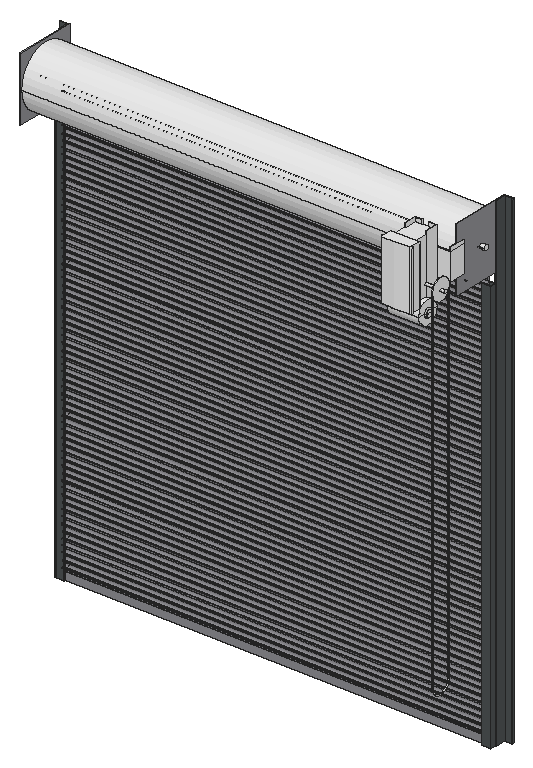
Revit family "Doors_Fire-Doors-Shutters_Overhead-Door-Corporation_Fire-Rated-Service-Doors-630_", category Specialty Equipment, host Wall, Revit 2019 (continued)
Definition of nested family "Lifts"
  Dimensions and locks (in)
    "Half Octagon Side": Extrusion 11 sketch curve to plane 13
    "Half Octagon Side": plane 13 to Extrusion 11 sketch curve
    "Half Octagon Side": plane 22 to Extrusion 11 sketch curve  (x2)
    equal spacing: plane 9 "Real Opening 2", plane 3 "Center (Left/Right)", plane 10 "Real Opening 1"
    "True Width": plane 9 "Real Opening 2" to plane 10 "Real Opening 1"
    locked: plane 23 to plane 7 at 1.5
    radius of Extrusion 6 sketch curve = 3/16"  (x4)
    radius of Extrusion 7 sketch curve = 0.188"  (x4)
    locked: Extrusion 8 sketch curve to Extrusion 8 sketch curve (radius 0.187")  (x4)
    "Radius Hood": radius of Extrusion 10 sketch curve
    aligned and locked: plane 2 to level
    aligned and locked: plane 5 to Extrusion 3
    aligned and locked: Extrusion 3 to plane 6
    aligned and locked: Extrusion 4 sketch curve to plane 7
    aligned and locked: Extrusion 4 sketch curve to plane 8
    aligned and locked: Extrusion 5 sketch curve to plane 7
    aligned and locked: plane 13 to Extrusion 3 sketch curve
    aligned and locked: plane 5 to Masking region 1 sketch curve
    aligned and locked: plane 6 to Masking region 1 sketch curve
    aligned and locked: Masking region 1 sketch curve to Masking region 1 sketch curve  (x2)
    aligned and locked: plane 12 "Main" to Extrusion 6 sketch curve  (x2)
    aligned and locked: Extrusion 6 sketch curve to plane 15
    aligned and locked: plane 16 to Extrusion 6 sketch curve
    aligned and locked: Extrusion 7 sketch curve to plane 1 "Center (Front/Back)"  (x2)
    aligned and locked: Extrusion 8 sketch curve to Extrusion 8 sketch curve  (x4)
    aligned and locked: plane 19 to Extrusion 8 sketch curve
    aligned and locked: Extrusion 8 sketch curve to plane 19
    aligned and locked: plane 4 "Opening Height" to Extrusion 8
    aligned and locked: Extrusion 5 sketch curve to plane 12 "Main"
    aligned and locked: plane 12 "Main" to Extrusion 4 sketch curve
    aligned and locked: Extrusion 9 sketch curve to plane 11  (x2)
    aligned and locked: Extrusion 9 sketch curve to plane 7  (x2)
    aligned and locked: plane 17 to Extrusion 9 sketch curve
    aligned and locked: Extrusion 9 sketch curve to plane 18
    aligned and locked: Masking region 2 sketch curve to Extrusion 4
    aligned and locked: Masking region 2 to curve 2  (x2)
    aligned and locked: Masking region 2 to curve 1  (x2)
    aligned and locked: Masking region 3 sketch curve to Extrusion 7  (x10)
    aligned and locked: Extrusion 7 to Masking region 3 sketch curve
    aligned and locked: Masking region 4 sketch curve to Extrusion 6  (x10)
    aligned and locked: Extrusion 2 to Extrusion 1
    aligned and locked: Extrusion 1 to Extrusion 2
    aligned and locked: curve 1 to Extrusion 9
    aligned and locked: Extrusion 9 to curve 2
    aligned and locked: Masking region 2 to plane 17
    aligned and locked: Masking region 2 to plane 18
    aligned and locked: plane 18 to Masking region 1 sketch curve
    aligned and locked: Masking region 1 sketch curve to plane 17
    aligned and locked: plane 20 to Extrusion 9 sketch curve
    aligned and locked: plane 21 to Extrusion 9 sketch curve
    aligned and locked: plane 20 to Extrusion 4
    aligned and locked: plane 20 to Extrusion 5
    aligned and locked: Extrusion 4 to plane 21
    aligned and locked: Extrusion 5 to plane 21
    aligned and locked: plane 13 to Extrusion 10 sketch curve
    aligned and locked: Extrusion 11 sketch curve to plane 12 "Main"
    aligned and locked: Extrusion 11 sketch curve to plane 7
    aligned and locked: Extrusion 11 sketch curve to plane 11
    aligned and locked: Extrusion 11 sketch curve to plane 8
    aligned and locked: Extrusion 11 to plane 20
    aligned and locked: Extrusion 11 to plane 21
    aligned and locked: plane 20 to Extrusion 10
    aligned and locked: Extrusion 10 to plane 21
    aligned and locked: plane 8 to Extrusion 9
    aligned and locked: Extrusion 11 to curve 3
    aligned and locked: plane 20 to curve 3
    aligned and locked: plane 21 to curve 3
    aligned and locked: Extrusion 7 to plane 7
    aligned and locked: plane 7 to Extrusion 6
    aligned and locked: Extrusion 4 sketch curve to plane 11
    aligned and locked: Extrusion 5 sketch curve to plane 11
  Automatic sketch dimensions
    Extrusion 2 sketch curve to level = 0"
    Extrusion 1 sketch curve to Extrusion 1 sketch curve = 3/8"
    plane 17 to Masking region 2 sketch curve = 0"
    Masking region 2 sketch curve to plane 18 = 0"
    Masking region 2 sketch curve to plane 1 "Center (Front/Back)" = 0"
    radius of Extrusion 3 sketch curve = 0.6"
Definition of nested family "Motor"
  Parameters (values of type "Trolley Motor")
    Wall Mount RSX = if(Chain Hoist, 1 = 2, if(Motor Option = 3, 1 = 1, 1 = 2))  # no
    Top Mount RSX = if(Chain Hoist, 1 = 2, if(Motor Option = 2, 1 = 1, 1 = 2))  # no
    Shaft Material = none
    Real Exterior Wall Offset = if(Wall Mount RSX, Displacement, Exterior Wall Offset + if(and(BJ, Bench Mount RSX, Hood Width < 19 1/2"), 2.6", 0"))  # 6"
    Not Chain Hoist = not(Chain Hoist)  # yes
    Not Bench + Top = not(or(Top Mount RSX, Chain Hoist, Bench Mount RSX))  # yes
    Horizontal Mount = if(Face Mount RSX, 5.08" + 0.12" + 2.38", if(Top Mount RSX, 11.19", if(Wall Mount RSX, 5.08", if(Bench Mount RSX, 4.77" + if(or(Hood Width < 14", Hood Width = 14"), 6.13", if(or(Hood Width < 16", Hood Width = 16"), 4.13", 3 1/4")), 0"))))  # 7.58"
    Not Fire King = if(Chain Hoist, 1 = 2, not(Chain Hoist))  # yes
    Vertical Mount = if(Face Mount RSX, 11.07" + Hood Height / 2, if(Top Mount RSX, 14.92" - 0.13" - 2.38", if(Wall Mount RSX, 20.03" + 6" + Hood Height / 2, if(Bench Mount RSX, 20" + 2.29" + Hood Height / 2, Hood Height))))  # 20.3825"
    Motor Type = if(Motor Option < 2, "RSX FDO Face Mount", if(Motor Option = 2, "RSX FDO Top Mount", if(Motor Option = 3, "RSX Wall Mount", if(Motor Option = 4, "RSX Bench Mount", "Chain Hoist"))))  # "RSX FDO Face Mount"
    Motor Option = 1
    Main Material = none
    Hood Width Real = if(Wall Mount RSX, 0", if(Chain Hoist, if(Hood Height < Hood Width, (Hood Width + (Hood Width - Hood Height)) / 2, Hood Width / 2), Hood Width))  # 17 1/2"
    Hood Width = 17 1/2"
    Hood Height = 18 5/8"
    Hood Mount = if(or(Face Mount RSX, Top Mount RSX), 0.37", if(Wall Mount RSX, if(BJ, 12.24" + BJ Displacement, 14.74"), if(Bench Mount RSX, 14.49", 4.26")))  # 0.37"
    Floor To Cl Shaft = 132 5/16"
    Fire King RHX = 1 = 2  # no
    Top Option Offset = if(or(Top Mount RSX, Bench Mount RSX), 20", 0")  # 0"
    Face+Top = if(Chain Hoist, 1 = 2, if(or(Face Mount RSX, Top Mount RSX), 1 = 1, 1 = 2))  # yes
    Face Mount RSX = if(Chain Hoist, 1 = 2, if(Motor Option < 2, 1 = 1, 1 = 2))  # yes
    Top + Bench = if(Chain Hoist, 1 = 2, if(or(Top Mount RSX, Bench Mount RSX), 1 = 1, 1 = 2))  # no
    Face + Top + Bench = if(Chain Hoist, 1 = 2, if(or(Face Mount RSX, Top Mount RSX, Bench Mount RSX), 1 = 1, 1 = 2))  # yes
    Exterior Wall Offset = 6"
    Displacement = 6"
    Default Elevation = 48"
    Chain V Offset = if(or(Face Mount RSX, Wall Mount RSX), 6.53", if(or(Top Mount RSX, Bench Mount RSX), 18.81", Hood Height / 2))  # 6.53"
    Chain H Offset = if(or(Face Mount RSX, Wall Mount RSX), 1.19", if(or(Top Mount RSX, Bench Mount RSX), 6.53", 0"))  # 1.19"
    Chain Hoist = no
    Bench Mount RSX = if(Chain Hoist, 1 = 2, if(Motor Option > 3, 1 = 1, 1 = 2))  # no
    BJ Displacement = 0"
    BJ = no
    Angle = if(or(Bench Mount RSX, Top Mount RSX), 90.00°, 180.00°)  # 180.00°
  Reference planes (in)
    plane 1 "Center (Front/Back)": y = 0
    plane 2: z = 0
    plane 3 "Center (Left/Right)": x = 0
    plane 4: y = 0
    plane 5: y = 1.19
    plane 6: z = -125.7825
    plane 7: z = -95.7825
    plane 8: z = 6.53
    plane 9 "Chain Hoist": z = 6.53
    plane 10 "Top Of Hood": z = 20.3825
    plane 11: y = 7.58
    plane 12: z = 0
    plane 13 "Hood Face": x = 6.8795
    plane 14: x = 7.2495
    plane 15: y = 25.08
    plane 16 "Wall": y = 31.08
  Forms (in)
    Extrusion 1, solid, material <- "Main Material", visible <- "Not Chain Hoist"
      sketch origin (0, 0, 18.8898) x (1, 0, 0) y (0, 1, 0)
        loop
          line (-4.134, -2.41307) -> (4.116, -2.41307) -> (4.116, -2.29347) -> (3.108, -2.29347)
          arc (3.108, -2.29347) -> (3.02315, -2.25832) -> (2.988, -2.17347) r 0.12
          line (2.988, -2.17347) -> (2.988, 4.96193) -> (-2.988, 4.96193) -> (-2.988, -2.17347)
          arc (-2.988, -2.17347) -> (-3.02315, -2.25832) -> (-3.108, -2.29347) r 0.12
          line (-3.108, -2.29347) -> (-4.134, -2.29347) -> (-4.134, -2.41307)
      from -16.64 to 0
    Extrusion 2, solid, material <- "Main Material", visible <- "Not Chain Hoist"
      sketch origin (0, 0, 18.8898) x (1, 0, 0) y (0, 1, 0)
        loop
          line (-4.134, -2.41307) -> (-4.134, -5.05565) -> (-4.3324, -5.05565) -> (-4.3324, -5.3122)
          arc (-4.3324, -5.3122) -> (-4.24466, -5.55085) -> (-4.02324, -5.67585) r 0.36846
          arc (-4.02324, -5.67585) -> (0, -6.0017) -> (4.02324, -5.67585) r 25
          arc (4.02324, -5.67585) -> (4.24466, -5.55085) -> (4.3324, -5.3122) r 0.36846
          line (4.3324, -5.3122) -> (4.3324, -5.05565) -> (4.116, -5.05565) -> (4.116, -2.41307) -> (-4.134, -2.41307)
      from -17 to 0.35839
    Revolve 3, solid, material <- "Main Material", visible <- "Not Fire King"
      sketch origin (2.0828, 5.66524, 0) x (0, -1, 0) y (1, 0, 0)
        loop
          line (5.66524, -9.0813) -> (5.66524, 3.1162) -> (4.82413, 3.1162) -> (4.82413, 2.7162) -> (4.39283, 2.7162) -> (4.39283, 2.4872) -> (2.44007, 2.4872) -> (2.44007, -6.6585) -> (3.79863, -6.6585) -> (3.79863, -7.51105) -> (3.89778, -7.6102) -> (5.36033, -7.6102) -> (5.36033, -7.8313) -> (4.69783, -7.8313) -> (4.69783, -9.0813) -> (5.66524, -9.0813)
        axis (5.66524, -9.0813) -> (5.66524, 3.1162)
      angle from 0 to 360
    Extrusion 4, solid, material <- "Main Material", visible <- "Wall Mount RSX"
      sketch origin (0, 0, 18.8898) x (1, 0, 0) y (0, 1, 0)
        loop
          line (-2.988, 5.08193) -> (-4.988, 5.08193) -> (-4.988, 4.96193) -> (-3.108, 4.96193) -> (-3.108, 1.46193) -> (-2.988, 1.46193) -> (-2.988, 5.08193)
        loop
          line (2.988, 5.08193) -> (2.988, 1.46193) -> (3.108, 1.46193) -> (3.108, 4.96193) -> (4.988, 4.96193) -> (4.988, 5.08193) -> (2.988, 5.08193)
      from -16.64 to 1.14
    Extrusion 5, solid, material <- "Main Material"
      sketch origin (0, 0.00141, 3.59957) x (0, 0, 1) y (0, -1, 0)
        loop
          circle (2.93043, -1.18859) r 3
      from 7.52 to 7.2495
    Sweep 6, solid, material <- "Main Material"
      path origin (7.38475, 9.53, 48) x (0, 1, 0) y (0, 0, 1)
        loop
          line (-11.34, -41.47) -> (-11.34, -143.7825)
          arc (-11.34, -143.7825) -> (-8.34, -146.7825) -> (-5.34, -143.7825) r 3
          line (-5.34, -143.7825) -> (-5.34, -41.47)
      profile origin (7.38475, -1.81, -44.62625) x (1, 0, 0) y (0, 1, 0)
        loop
          circle (0, 0.1) r 0.1
    Extrusion 7, solid, material <- "Main Material"
      sketch origin (0, 0.00141, 3.59957) x (0, 0, 1) y (0, -1, 0)
        loop
          circle (2.93043, -1.18859) r 0.4
      from 8.82 to 0
    Extrusion 8, solid, material <- "Main Material", visible <- "Face+Top"
      sketch origin (0, 0, 18.8898) x (1, 0, 0) y (0, 1, 0)
        loop
          line (7.2495, 5.08193) -> (7.2495, 9.82193) -> (7.1295, 9.82193) -> (7.1295, 5.20193) -> (-2.988, 5.20193) -> (-2.988, 5.08193) -> (7.2495, 5.08193)
      from -12.32 to -4.32
    Extrusion 9, solid, material <- "Main Material", visible <- "Face + Top + Bench"
      sketch origin (0.25, 0, 18.8898) x (1, 0, 0) y (0, 1, 0)
        loop
          line (-3.358, 5.08193) -> (-3.358, 1.46193) -> (-3.238, 1.46193) -> (-3.238, 4.96193) -> (-1.238, 4.96193) -> (-1.238, 5.08193) -> (-3.358, 5.08193)
        loop
          line (2.858, 5.08193) -> (0.738, 5.08193) -> (0.738, 4.96193) -> (2.738, 4.96193) -> (2.738, 1.46193) -> (2.858, 1.46193) -> (2.858, 5.08193)
      from -16.64 to 1.14
    Extrusion 10, solid, material <- "Main Material", visible <- "Face+Top"
      sketch origin (0, 0, 0) x (0, 0, 1) y (0, -1, 0)
        loop
          line (15.5698, -5.33193) -> (6.5698, -5.33193) -> (6.5698, -9.82193) -> (15.5698, -9.82193) -> (15.5698, -5.33193)
      from 6.8795 to 7.1295
    Extrusion 11, solid, material <- "Main Material", visible <- "Bench Mount RSX"
      sketch origin (0, 0, 18.8898) x (1, 0, 0) y (0, 1, 0)
        loop
          line (-6.9985, 5.08193) -> (3.108, 5.08193) -> (3.108, 5.20193) -> (-7.1205, 5.20193) -> (-7.1205, 1.33693) -> (-6.9985, 1.33693) -> (-6.9985, 5.08193)
      from -10.78 to -1.46
    Extrusion 12, solid, material <- "Main Material", visible <- "Bench Mount RSX"
      sketch origin (0, 0, 0) x (0, 0, 1) y (0, -1, 0)
        loop
          line (8.2698, -1.46193) -> (8.2698, -4.96193) -> (17.2698, -4.96193) -> (17.2698, -1.46193) -> (8.2698, -1.46193)
      from -7.24 to -7.1205
  Lines and regions (in)
    reference lines
      curve 1: line (0, 0, 0) -> (0, 0, 18.8898)
  Dimensions and locks (in)
    Extrusion 4 sketch curve to Extrusion 4 sketch curve = 3.62"
    locked: Extrusion 4 sketch curve to Extrusion 4 sketch curve at 0.12  (x3)
    "Chain H Offset": plane 4 to plane 5
    locked: plane 7 to plane 6 at 30
    locked: Sweep 6 sketch curve to profile plane at 0
    locked: profile plane to Sweep 6 sketch curve at 0.1
    locked: Sweep 6 sketch curve to Sweep 6 sketch curve at 6
    "Floor To Cl Shaft": plane 8 to plane 6
    "Horizontal Mount": plane 1 "Center (Front/Back)" to plane 11
    Extrusion 9 sketch curve to Extrusion 9 sketch curve = 3.62"
    locked: Extrusion 9 sketch curve to Extrusion 9 sketch curve at 0.12  (x3)
    "Top Option Offset": level to plane 12
    "Chain V Offset": plane 9 "Chain Hoist" to plane 12
    equal spacing: Sweep 6 sketch curve, plane 5, Sweep 6 sketch curve
    "Vertical Mount": plane 10 "Top Of Hood" to plane 12
    locked: Extrusion 2 sketch curve to Extrusion 2 sketch curve at 8.25
    locked: Extrusion 2 sketch curve to Extrusion 2 sketch curve at 2.64258
    locked: plane 3 "Center (Left/Right)" to plane 14 at 7.2495
    "Hood Mount": plane 13 "Hood Face" to plane 14
    locked: Extrusion 8 sketch curve to Extrusion 8 sketch curve at 0.12  (x2)
    locked: Extrusion 8 sketch curve to curve 1 at 5.08193
    "Hood Width Real": plane 11 to plane 15
    "Real Exterior Wall Offset": plane 15 to plane 16 "Wall"
    locked: Extrusion 8 sketch curve to Extrusion 8 sketch curve at 4.62
    Revolve 3 sketch curve to Revolve 3 sketch curve to Revolve 3 sketch curve to Revolve 3 sketch curve to Revolve 3 sketch curve to Revolve 3 sketch curve to Revolve 3 sketch curve = 1 1/4" locked, 0.2211" locked, 0.9517" locked, 9.1457" locked, 0.229" locked, 0.4" locked
    Revolve 3 sketch curve to Revolve 3 sketch curve to Revolve 3 sketch curve to Revolve 3 sketch curve to Revolve 3 sketch curve to Revolve 3 sketch curve to Revolve 3 sketch curve to Revolve 3 sketch curve = 0.30491" locked, 0.53619" locked, 0.12631" locked, 0.305" locked, 0.49505" locked, 0.09915" locked, 1.35856" locked
    locked: Extrusion 1 sketch curve to Extrusion 1 sketch curve at 0.1196
    locked: Extrusion 1 sketch curve to Extrusion 1 sketch curve at 5.976
    equal spacing: Extrusion 1 sketch curve, curve 1, Extrusion 1 sketch curve
    locked: curve 1 to Extrusion 1 sketch curve at 2.41307
    locked: Extrusion 1 sketch curve to Extrusion 1 sketch curve at 7.375
    locked: Extrusion 9 sketch curve to curve 1 at 1.46193
    equal spacing: Extrusion 4 sketch curve, curve 1, Extrusion 4 sketch curve
    locked: Extrusion 4 sketch curve to curve 1 at 1.46193
    locked: Extrusion 10 sketch curve to Extrusion 10 sketch curve at 4.49
    locked: Extrusion 10 sketch curve to Extrusion 10 sketch curve at 9
    locked: Extrusion 10 sketch curve to curve 1 at 9.82193
    locked: Extrusion 10 sketch curve to curve 1 at 6.5698
    locked: Revolve 3 sketch curve to plane 3 "Center (Left/Right)" at 4.5757
    locked: Extrusion 4 sketch curve to Extrusion 4 sketch curve at 5.976
    locked: Extrusion 9 sketch curve to plane 3 "Center (Left/Right)" at 2.988
    locked: plane 3 "Center (Left/Right)" to Extrusion 9 sketch curve at 3.108
    locked: Extrusion 4 sketch curve to Extrusion 4 sketch curve at 2
    locked: Extrusion 4 sketch curve to Extrusion 4 sketch curve at 1.88
    locked: Extrusion 8 sketch curve to Extrusion 8 sketch curve at 10.2375
    locked: curve 1 to Extrusion 8 sketch curve at 7.2495
    locked: Extrusion 1 sketch curve to Extrusion 1 sketch curve at 1.128
    locked: Extrusion 1 sketch curve to Extrusion 1 sketch curve at 1.146
    locked: curve 1 to Extrusion 2 sketch curve at 2.41307
    locked: Extrusion 11 sketch curve to Extrusion 11 sketch curve at 0.122
    locked: Extrusion 11 sketch curve to Extrusion 11 sketch curve at 0.12
    locked: Extrusion 11 sketch curve to curve 1 at 6.9985
    locked: Extrusion 11 sketch curve to curve 1 at 5.08193
    locked: Extrusion 11 sketch curve to Extrusion 11 sketch curve at 10.1065
    locked: Extrusion 11 sketch curve to Extrusion 11 sketch curve at 3.865
    locked: Extrusion 12 sketch curve to Extrusion 12 sketch curve at 3.5
    locked: curve 1 to Extrusion 12 sketch curve at 1.46193
    locked: Extrusion 12 sketch curve to Extrusion 12 sketch curve at 9
    locked: Extrusion 12 sketch curve to curve 1 at 10.62
    radius of Extrusion 5 sketch curve = 3"
    radius of Sweep 6 sketch curve = 3"
    radius of Sweep 6 sketch curve = 0.1"
    radius of Extrusion 7 sketch curve = 0.4"
    radius of Extrusion 2 sketch curve = 0.36846"  (x2)
    radius of Extrusion 1 sketch curve = 0.12"  (x2)
    radius of Extrusion 2 sketch curve = 25"
    "Angle": angle curve 1 to plane 1 "Center (Front/Back)"
    angle Extrusion 2 sketch curve to Extrusion 2 sketch curve = 90.00°
    locked: Extrusion 2 sketch curve to Extrusion 2 sketch curve (angle 90.00°)
    aligned and locked: plane 2 to level
    aligned and locked: Revolve 3 sketch curve to Revolve 3 sketch curve
    aligned and locked: plane 1 "Center (Front/Back)" to curve 1
    aligned and locked: level to curve 1
    aligned and locked: plane 1 "Center (Front/Back)" to plane 4
    aligned and locked: Extrusion 4 sketch curve to Extrusion 4 sketch curve  (x3)
    aligned and locked: plane 7 to Sweep 6 sketch curve  (x2)
    aligned and locked: plane 8 to Sweep 6 sketch curve  (x2)
    aligned and locked: plane 5 to Extrusion 5 sketch curve
    aligned and locked: plane 9 "Chain Hoist" to Extrusion 5 sketch curve
    aligned and locked: plane 5 to Extrusion 7 sketch curve
    aligned and locked: plane 9 "Chain Hoist" to Extrusion 7 sketch curve
    aligned and locked: plane 8 to plane 9 "Chain Hoist"
    aligned and locked: Extrusion 9 sketch curve to Extrusion 9 sketch curve  (x3)
    aligned and locked: Extrusion 2 sketch curve to Extrusion 2 sketch curve
    aligned and locked: Extrusion 1 sketch curve to Extrusion 1 sketch curve
    aligned and locked: plane 4 to nested 1
    aligned and locked: plane 3 "Center (Left/Right)" to nested 1
  Automatic sketch dimensions
    plane 1 "Center (Front/Back)" to Revolve 3 sketch curve = 0"
    Revolve 3 sketch curve to Revolve 3 sketch curve = 0.09915"
    Revolve 3 sketch curve to Revolve 3 sketch curve = 4.7892"
    Revolve 3 sketch curve to plane 14 = 1.9628"
    Extrusion 9 sketch curve to plane 3 "Center (Left/Right)" = 0.988"
    plane 3 "Center (Left/Right)" to Extrusion 9 sketch curve = 0.988"
    Extrusion 2 sketch curve to plane 3 "Center (Left/Right)" = 0"
    Extrusion 2 sketch curve to Extrusion 2 sketch curve = 0.1984"
    Extrusion 2 sketch curve to Extrusion 2 sketch curve = 0.15206"
    Extrusion 2 sketch curve to Extrusion 2 sketch curve = 0.25654"
    Extrusion 2 sketch curve to Extrusion 2 sketch curve = 0"  (x2)
    Extrusion 2 sketch curve to Extrusion 2 sketch curve = 0.0593"
  Nested families (in)
    nested 1: "2D_NotScalableMain_29e791da-3db9-4234-ab15-44456784202b" at (0, 0, 0), type "Default"
      with Not Top + Bench yes, Face Mount yes, Chain Hoist no
  Definition of nested family "2D_NotScalableMain_29e791da-3db9-4234-ab15-44456784202b"
    Parameters (values of type "Default")
      Wall Mount = no
      Top Mount = no
      Not Top + Bench = no
      Fire King Face Mount = no
      Face Mount = no
      Top + Bench = no
      Chain Hoist = yes
      Bench Mount = no
    Reference planes (in)
      plane 1 "Center (Front/Back)": y = 0
      plane 2: z = 0
      plane 3 "Center (Left/Right)": x = 0
    Lines and regions (in)
      Masking region 1, in view "Ref. Level", visible <- "Not Top + Bench"
        outline origin (0, 0, 0) x (1, 0, 0) y (0, 1, 0)
          loop
            line (-6.9985, -0.96741) -> (-5.7485, -0.96741) -> (-5.7485, -0.30491) -> (-5.5274, -0.30491) -> (-5.5274, -1.76746) -> (-5.42825, -1.86661) -> (-4.5757, -1.86661) -> (-4.5757, -3.22517) -> (-4.134, -3.22517) -> (-4.134, -5.05565) -> (-4.3324, -5.05565) -> (-4.3324, -5.3122)
            arc (-4.3324, -5.3122) -> (-4.24466, -5.55085) -> (-4.02324, -5.67585) r 0.36846
            arc (-4.02324, -5.67585) -> (0, -6.0017) -> (4.02324, -5.67585) r 25
            arc (4.02324, -5.67585) -> (4.24466, -5.55085) -> (4.3324, -5.3122) r 0.36846
            line (4.3324, -5.3122) -> (4.3324, -5.05565) -> (4.116, -5.05565) -> (4.116, -3.22517) -> (4.57, -3.22517) -> (4.57, -1.27241) -> (4.799, -1.27241) -> (4.799, -0.84111) -> (5.199, -0.84111) -> (5.199, 0.79) -> (7.2495, 0.79) -> (7.2495, -1.81) -> (7.52, -1.81) -> (7.52, 0.79) -> (8.82, 0.79) -> (8.82, 1.59) -> (7.52, 1.59) -> (7.52, 4.19) -> (7.2495, 4.19) -> (7.2495, 1.59) -> (4.57, 1.59) -> (4.57, 3.22517) -> (2.988, 3.22517) -> (2.988, 4.96193) -> (-2.988, 4.96193) -> (-2.988, 3.22517) -> (-4.5757, 3.22517) -> (-4.5757, 1.86661) -> (-5.42825, 1.86661) -> (-5.5274, 1.76746) -> (-5.5274, 0.30491) -> (-5.7485, 0.30491) -> (-5.7485, 0.96741) -> (-6.9985, 0.96741) -> (-6.9985, -0.96741)
      Masking region 2, in view "Ref. Level", visible <- "Fire King Face Mount"
        outline origin (0, 0, 0) x (1, 0, 0) y (0, 1, 0)
          loop
            circle (0, 1.59) r 2.87397
          loop
            line (-2.988, 7.80693) -> (-2.988, 4.96193) -> (2.988, 4.96193) -> (2.988, 7.80693) -> (0.82, 7.80693) -> (0.82, 16.89193) -> (0.57, 16.89193) -> (0.57, 7.80693) -> (-2.988, 7.80693)
      Masking region 3, in view "Ref. Level", visible <- "Face Mount"
        outline origin (0, 0, 0) x (1, 0, 0) y (0, 1, 0)
          loop
            line (-3.108, 1.46193) -> (-2.988, 1.46193) -> (-2.988, 4.96193) -> (2.988, 4.96193) -> (2.988, 1.46193) -> (3.108, 1.46193) -> (3.108, 5.08193) -> (7.2495, 5.08193) -> (7.2495, 9.82193) -> (6.8795, 9.82193) -> (6.8795, 5.33193) -> (7.1295, 5.33193) -> (7.1295, 5.20193) -> (-2.988, 5.20193) -> (-2.988, 5.08193) -> (-3.108, 5.08193) -> (-3.108, 1.46193)
      Masking region 4, in view "Ref. Level", visible <- "Top + Bench"
        outline origin (0, 0, 0) x (1, 0, 0) y (0, 1, 0)
          loop
            line (-6.9985, -0.96741) -> (-5.7485, -0.96741) -> (-5.7485, -0.30491) -> (-5.5274, -0.30491) -> (-5.5274, -1.76746) -> (-5.42825, -1.86661) -> (-4.5757, -1.86661) -> (-4.5757, -3.22517) -> (4.57, -3.22517) -> (4.57, -1.27241) -> (4.799, -1.27241) -> (4.799, -0.84111) -> (5.199, -0.84111) -> (5.199, 0.84111) -> (4.799, 0.84111) -> (4.799, 1.27241) -> (4.57, 1.27241) -> (4.57, 3.22034) -> (4.3324, 3.22034) -> (4.3324, 6.13) -> (7.2495, 6.13) -> (7.2495, 3.53) -> (7.52, 3.53) -> (7.52, 6.13) -> (8.82, 6.13) -> (8.82, 6.93) -> (7.52, 6.93) -> (7.52, 9.53) -> (7.2495, 9.53) -> (7.2495, 6.93) -> (4.3324, 6.93) -> (4.3324, 19.24819) -> (3.108, 19.24819) -> (3.108, 20.0298) -> (0.988, 20.0298) -> (0.988, 19.24819) -> (-0.988, 19.24819) -> (-0.988, 20.0298) -> (-3.108, 20.0298) -> (-3.108, 19.24819) -> (-4.3324, 19.24819) -> (-4.3324, 3.22517) -> (-4.5757, 3.22517) -> (-4.5757, 1.86661) -> (-5.42825, 1.86661) -> (-5.5274, 1.76746) -> (-5.5274, 0.30491) -> (-5.7485, 0.30491) -> (-5.7485, 0.96741) -> (-6.9985, 0.96741) -> (-6.9985, -0.96741)
      Masking region 5, in view "Ref. Level", visible <- "Top Mount"
        outline origin (0, 0, 0) x (1, 0, 0) y (0, 1, 0)
          loop
            line (4.3324, 14.55771) -> (4.3324, 6.93) -> (7.2495, 6.93) -> (7.2495, 14.55771) -> (7.1295, 14.55771) -> (7.1295, 15.55771) -> (6.8795, 15.55771) -> (6.8795, 14.55771) -> (4.3324, 14.55771)
      Masking region 6, in view "Ref. Level", visible <- "Wall Mount"
        outline origin (0, 0, 0) x (1, 0, 0) y (0, 1, 0)
          loop
            line (-4.988, 4.96193) -> (-3.108, 4.96193) -> (-3.108, 1.46193) -> (-2.988, 1.46193) -> (-2.988, 5.08193) -> (-4.988, 5.08193) -> (-4.988, 4.96193)
          loop
            line (2.988, 1.46193) -> (3.108, 1.46193) -> (3.108, 4.96193) -> (4.988, 4.96193) -> (4.988, 5.08193) -> (2.988, 5.08193) -> (2.988, 1.46193)
      Masking region 7, in view "Ref. Level", visible <- "Bench Mount"
        outline origin (0, 0, 0) x (1, 0, 0) y (0, 1, 0)
          loop
            line (-7.24, 9.2698) -> (-7.1205, 9.2698) -> (-7.1205, 9.1098) -> (-4.3324, 9.1098) -> (-4.3324, 17.4298) -> (-7.1205, 17.4298) -> (-7.1205, 17.2698) -> (-7.24, 17.2698) -> (-7.24, 9.2698)
      Masking region 8, in view "Ref. Level", visible <- "Chain Hoist"
        outline origin (0, -6.98957, 0) x (1, 0, 0) y (0, 1, 0)
          loop
            line (4.7396, 6.58957) -> (7.2495, 6.58957) -> (7.2495, 3.98957) -> (7.52, 3.98957) -> (7.52, 6.58957) -> (8.82, 6.58957) -> (8.82, 7.38957) -> (7.52, 7.38957) -> (7.52, 9.98957) -> (7.2495, 9.98957) -> (7.2495, 7.38957) -> (4.7396, 7.38957) -> (4.7396, 6.58957)
      reference lines, in view "Ref. Level"
        curve 1: line (0, 0, 0) -> (0, 0.125, 0)
        curve 2: line (0, 0, 0) -> (0.125, 0, 0)
      detail lines, in view "Ref. Level", visible <- "Not Top + Bench"
        curve 3: line (7.2495, 4.19, 0) -> (7.2495, -1.81, 0)
        curve 4: line (7.52, 4.19, 0) -> (7.52, -1.81, 0)
        curve 5: line (-4.134, -2.29347, 0) -> (-4.134, -5.05565, 0)
        curve 6: line (4.116, -2.29347, 0) -> (4.116, -5.05565, 0)
        curve 7: line (-4.134, -2.41307, 0) -> (4.116, -2.41307, 0)
        curve 8: line (4.116, -2.29347, 0) -> (3.108, -2.29347, 0)
        curve 9: line (2.988, -2.17347, 0) -> (2.988, 4.96193, 0)
        curve 10: line (2.988, 4.96193, 0) -> (-2.988, 4.96193, 0)
        curve 11: line (-2.988, 4.96193, 0) -> (-2.988, -2.17347, 0)
        curve 12: arc (-2.988, -2.17347, 0) -> (-3.02315, -2.25832, 0) -> (-3.108, -2.29347, 0) r 0.12
        curve 13: arc (3.108, -2.29347, 0) -> (3.02315, -2.25832, 0) -> (2.988, -2.17347, 0) r 0.12
        curve 14: line (4.57, -3.22517, 0) -> (4.57, 0.77483, 0)
        curve 15: line (4.799, -1.27241, 0) -> (4.799, 0.77483, 0)
        curve 16: line (5.199, -0.84111, 0) -> (5.199, 0.77483, 0)
        curve 17: line (-4.5757, -3.22517, 0) -> (-4.5757, 3.22517, 0)
        curve 18: line (-5.42825, -1.86661, 0) -> (-5.42825, 1.86661, 0)
        curve 19: line (-5.5274, 1.76746, 0) -> (-5.5274, -1.76746, 0)
        curve 20: line (-5.7485, -0.96741, 0) -> (-5.7485, 0.96741, 0)
        curve 25: line (-4.116, -2.29347, 0) -> (-3.108, -2.29347, 0)
        curve 26: line (5.199, 0.77483, 0) -> (2.988, 0.77483, 0)
        curve 27: line (4.57, 1.59, 0) -> (3.108, 1.59, 0)
      detail lines, in view "Ref. Level", visible <- "Fire King Face Mount"
        curve 21: circle (0, 1.59, 0) r 1.29967 normal (0, 0, 1)
        curve 22: circle (0, 1.59, 0) r 0.87193 normal (0, 0, 1)
        curve 23: line (-2.988, 7.80693, 0) -> (2.988, 7.80693, 0)
        curve 24: line (-2.988, 7.685, 0) -> (2.988, 7.685, 0)
      detail lines, in view "Ref. Level", visible <- "Top + Bench"
        curve 28: line (-4.5757, -3.22517, 0) -> (-4.5757, 3.22517, 0)
        curve 29: line (-5.42825, 1.86661, 0) -> (-5.42825, -1.86661, 0)
        curve 30: line (-5.5274, 1.76746, 0) -> (-5.5274, -1.76746, 0)
        curve 31: line (-5.7485, -0.96741, 0) -> (-5.7485, 0.96741, 0)
        curve 32: line (-4.3324, 1.8898, 0) -> (-4.3324, 19.24819, 0)
        curve 33: line (-4.3324, 1.8898, 0) -> (4.3324, 1.8898, 0)
        curve 34: line (4.3324, 1.8898, 0) -> (4.3324, 19.24819, 0)
        curve 35: line (4.57, 3.22517, 0) -> (4.57, -3.22517, 0)
        curve 36: line (4.799, 1.27241, 0) -> (4.799, -1.22759, 0)
        curve 41: line (2.988, 20.0298, 0) -> (2.988, 19.24819, 0)
        curve 42: line (-2.988, 20.0298, 0) -> (-2.988, 19.24819, 0)
        curve 43: line (-3.108, 19.24819, 0) -> (-0.988, 19.24819, 0)
        curve 44: line (0.988, 19.24819, 0) -> (3.108, 19.24819, 0)
      detail lines, in view "Ref. Level", visible <- "Chain Hoist"
        curve 37: line (7.2495, 3, 0) -> (7.2495, -3, 0)
        curve 38: line (7.52, -3, 0) -> (7.52, 3, 0)
      detail lines, in view "Ref. Level", visible <- "Bench Mount"
        curve 39: line (-7.1205, 17.4298, 0) -> (-7.1205, 9.1098, 0)
        curve 40: line (-6.9985, 17.4298, 0) -> (-6.9985, 9.1098, 0)
    Dimensions and locks (in)
      curve 1 to curve 1 = 1/8"
      curve 2 to curve 2 = 1/8"
      aligned and locked: plane 1 "Center (Front/Back)" to curve 1
      aligned and locked: plane 3 "Center (Left/Right)" to curve 1
      aligned and locked: plane 1 "Center (Front/Back)" to curve 2
Definition of nested family "Label Annotation 1"
  Parameters (values of type "Label Annotation 1-8")
    Label = "Area is too big. Please reduce Door Size."
  Reference planes (in)
    plane 1: y = 0
    plane 2: x = 0
  Text (in)
    label "Label" at (0.00375, -0.00345, 0), shows "Label"
Definition of nested family "Warning Sign"
  Parameters (values of type "Warning Sign")
    Warning Sign [instance] = no
    Default Elevation = 48"
  Reference planes (in)
    plane 1 "Center (Front/Back)": y = 0
    plane 2: z = 0
    plane 3 "Center (Left/Right)": x = 0
    plane 4: y = 0.5
    plane 5: y = -0.5
    plane 6: y = 1
    plane 7: y = 0.25
  Lines and regions (in)
    model lines
      curve 1: line (-2.26129, 1, 45.69444) -> (-26.3817, 1, 3.91667)
      curve 2: line (-25.25106, 1, 3.26389) -> (-1.13064, 1, 45.04167)
      curve 3: arc (2.26129, 1, 45.69444) -> (0, 1, 47) -> (-2.26129, 1, 45.69444) r 2.61111
      curve 4: arc (-1.13064, 1, 45.04167) -> (0, 1, 45.69444) -> (1.13064, 1, 45.04167) r 1.30556
      curve 5: line (1.13064, 1, 45.04167) -> (25.25106, 1, 3.26389)
      curve 6: line (26.3817, 1, 3.91667) -> (2.26129, 1, 45.69444)
      curve 7: arc (25.25106, 1, 3.26389) -> (25.25106, 1, 1.95833) -> (24.12041, 1, 1.30556) r 1.30556
      curve 8: arc (24.12041, 1, 0) -> (26.3817, 1, 1.30556) -> (26.3817, 1, 3.91667) r 2.61111
      curve 9: line (24.12041, 1, 1.30556) -> (-24.12041, 1, 1.30556)
      curve 10: line (-24.12041, 1, 0) -> (24.12041, 1, 0)
      curve 11: arc (-24.12041, 1, 1.30556) -> (-25.25106, 1, 1.95833) -> (-25.25106, 1, 3.26389) r 1.30556
      curve 12: arc (-26.3817, 1, 3.91667) -> (-26.3817, 1, 1.30556) -> (-24.12041, 1, 0) r 2.61111
      curve 13: arc (-2.29479, 1, 8.63537) -> (0, 1, 6.34057) -> (2.29479, 1, 8.63537) r 2.29479
      curve 14: arc (2.29479, 1, 8.63537) -> (0, 1, 10.93016) -> (-2.29479, 1, 8.63537) r 2.29479
      curve 15: arc (-1.6331, 1, 13.97069) -> (0.03439, 1, 12.53727) -> (1.69278, 1, 13.98121) r 1.68043
      curve 16: line (-3.77413, 1, 28.37873) -> (-1.6331, 1, 13.97069)
      curve 17: line (1.69278, 1, 13.98121) -> (3.73924, 1, 28.37873)
      curve 18: arc (3.73924, 1, 28.37873) -> (-0.01745, 1, 32.13541) -> (-3.77413, 1, 28.37873) r 3.75668
      curve 19: line (-2.26129, -0.5, 45.69444) -> (-26.3817, -0.5, 3.91667)
      curve 20: line (-25.25106, -0.5, 3.26389) -> (-1.13064, -0.5, 45.04167)
      curve 21: arc (2.26129, -0.5, 45.69444) -> (0, -0.5, 47) -> (-2.26129, -0.5, 45.69444) r 2.61111
      curve 22: arc (-1.13064, -0.5, 45.04167) -> (0, -0.5, 45.69444) -> (1.13064, -0.5, 45.04167) r 1.30556
      curve 23: line (1.13064, -0.5, 45.04167) -> (25.25106, -0.5, 3.26389)
      curve 24: line (26.3817, -0.5, 3.91667) -> (2.26129, -0.5, 45.69444)
      curve 25: arc (25.25106, -0.5, 3.26389) -> (25.25106, -0.5, 1.95833) -> (24.12041, -0.5, 1.30556) r 1.30556
      curve 26: arc (24.12041, -0.5, 0) -> (26.3817, -0.5, 1.30556) -> (26.3817, -0.5, 3.91667) r 2.61111
      curve 27: line (24.12041, -0.5, 1.30556) -> (-24.12041, -0.5, 1.30556)
      curve 28: line (-24.12041, -0.5, 0) -> (24.12041, -0.5, 0)
      curve 29: arc (-24.12041, -0.5, 1.30556) -> (-25.25106, -0.5, 1.95833) -> (-25.25106, -0.5, 3.26389) r 1.30556
      curve 30: arc (-26.3817, -0.5, 3.91667) -> (-26.3817, -0.5, 1.30556) -> (-24.12041, -0.5, 0) r 2.61111
      curve 31: arc (-2.29479, -0.5, 8.63537) -> (0, -0.5, 6.34057) -> (2.29479, -0.5, 8.63537) r 2.29479
      curve 32: arc (2.29479, -0.5, 8.63537) -> (0, -0.5, 10.93016) -> (-2.29479, -0.5, 8.63537) r 2.29479
      curve 33: arc (-1.6331, -0.5, 13.97069) -> (0.03439, -0.5, 12.53727) -> (1.69278, -0.5, 13.98121) r 1.68043
      curve 34: line (-3.77413, -0.5, 28.37873) -> (-1.6331, -0.5, 13.97069)
      curve 35: line (1.69278, -0.5, 13.98121) -> (3.73924, -0.5, 28.37873)
      curve 36: arc (3.73924, -0.5, 28.37873) -> (-0.01745, -0.5, 32.13541) -> (-3.77413, -0.5, 28.37873) r 3.75668
  Dimensions and locks (in)
    locked: plane 1 "Center (Front/Back)" to plane 4 at 0.5
    equal spacing: plane 1 "Center (Front/Back)", plane 7, plane 4
    locked: plane 4 to plane 6 at 0.5
    locked: plane 5 to plane 1 "Center (Front/Back)" at 0.5
    aligned and locked: plane 2 to level
  Automatic sketch dimensions
    curve 21 to curve 22 = 0"  (x2)
    curve 25 to curve 26 = 0"  (x2)
    curve 29 to curve 30 = 0"  (x2)
    curve 31 to curve 32 = 0"  (x2)
    curve 21 to plane 3 "Center (Left/Right)" = 0"
    curve 31 to plane 3 "Center (Left/Right)" = 0"
    curve 30 to level = 0"
    level to curve 27 = 1.30556"
    curve 26 to curve 27 = 1.30556"
    curve 29 to curve 27 = 1.30556"
    curve 23 to curve 25 = 0.65278"
    curve 20 to curve 29 = 0.65278"
    curve 24 to curve 23 = 0.65278"
    curve 19 to curve 20 = 0.65278"
    level to curve 32 = 8.63537"
    curve 34 to plane 3 "Center (Left/Right)" = 1.6331"
    curve 34 to curve 31 = 5.33532"
    plane 3 "Center (Left/Right)" to curve 35 = 1.69278"
    curve 35 to curve 34 = 0.01052"
    plane 3 "Center (Left/Right)" to curve 33 = 0.02908"
    curve 36 to plane 3 "Center (Left/Right)" = 0.01745"
    curve 36 to curve 33 = 14.16104"
    curve 22 to curve 36 = 16.01016"
    plane 3 "Center (Left/Right)" to curve 23 = 1.13064"
    curve 23 to curve 21 = 0.65278"
    curve 20 to plane 3 "Center (Left/Right)" = 1.13064"
    plane 3 "Center (Left/Right)" to curve 24 = 2.26129"
    curve 24 to curve 22 = 0.65278"
    curve 19 to plane 3 "Center (Left/Right)" = 2.26129"
    curve 34 to curve 36 = 3.75668"
    curve 30 to plane 3 "Center (Left/Right)" = 24.12041"
    plane 3 "Center (Left/Right)" to curve 25 = 24.12041"
    curve 31 to curve 31 = 2.29479"
    curve 3 to curve 4 = 0"  (x2)
    curve 7 to curve 8 = 0"  (x2)
    curve 11 to curve 12 = 0"  (x2)
    curve 13 to curve 14 = 0"  (x2)
    curve 3 to plane 3 "Center (Left/Right)" = 0"
    curve 13 to plane 3 "Center (Left/Right)" = 0"
    curve 12 to level = 0"
    level to curve 9 = 1.30556"
    curve 8 to curve 9 = 1.30556"
    curve 11 to curve 9 = 1.30556"
    curve 5 to curve 7 = 0.65278"
    curve 2 to curve 11 = 0.65278"
    curve 6 to curve 5 = 0.65278"
    curve 1 to curve 2 = 0.65278"
    level to curve 14 = 8.63537"
    curve 16 to plane 3 "Center (Left/Right)" = 1.6331"
    curve 16 to curve 13 = 5.33532"
    plane 3 "Center (Left/Right)" to curve 17 = 1.69278"
    curve 17 to curve 16 = 0.01052"
    plane 3 "Center (Left/Right)" to curve 15 = 0.02908"
    curve 18 to plane 3 "Center (Left/Right)" = 0.01745"
    curve 18 to curve 15 = 14.16104"
    curve 4 to curve 18 = 16.01016"
    plane 3 "Center (Left/Right)" to curve 5 = 1.13064"
    curve 5 to curve 3 = 0.65278"
    curve 2 to plane 3 "Center (Left/Right)" = 1.13064"
    plane 3 "Center (Left/Right)" to curve 6 = 2.26129"
    curve 6 to curve 4 = 0.65278"
    curve 1 to plane 3 "Center (Left/Right)" = 2.26129"
    curve 16 to curve 18 = 3.75668"
    curve 12 to plane 3 "Center (Left/Right)" = 24.12041"
    plane 3 "Center (Left/Right)" to curve 7 = 24.12041"
    curve 13 to curve 13 = 2.29479"
Types (9): name | Voltage | Operator Visibility | Number of Poles | Hood Offset | Headroom Height | Frequency | Door Height True | Door Height (Real) | Floor To (CL) of Shaft | Chain Hoist or Manual | Current | Connector Array | Calculated Area | Apparent Load Phase 3 | Apparent Load Phase 2 | Apparent Load Phase 1
  115 volts, one phase, 60 Hz (110-120V range) | 115 V | yes | 1 | 3" | 21 5/8" | 60 Hz | 141 5/8" | 123" | 132 5/16" | no | 20 A | 3 | 102.927 SF | 0 VA | 0 VA | 2300 VA
  Chain Hoist | 0 V | yes | 1 | 1" | 19 5/8" | 0 Hz | 139 5/8" | 121" | 130 5/16" | yes | 0 A | 2 | 101.253 SF | 0 VA | 0 VA | 0 VA
  208 volts, one phase, 60 Hz (190-207V range) | 208 V | yes | 1 | 3" | 21 5/8" | 60 Hz | 141 5/8" | 123" | 132 5/16" | no | 20 A | 3 | 102.927 SF | 0 VA | 0 VA | 4160 VA
  208 volts, three phase, 60 Hz (190-207 V range) | 208 V | yes | 3 | 3" | 21 5/8" | 60 Hz | 141 5/8" | 123" | 132 5/16" | no | 20 A | 3 | 102.927 SF | 2401.78 VA | 2401.78 VA | 2401.78 VA
  230 volts, one phase, 60 Hz (208-245V range) | 230 V | yes | 1 | 3" | 21 5/8" | 60 Hz | 141 5/8" | 123" | 132 5/16" | no | 20 A | 3 | 102.927 SF | 0 VA | 0 VA | 4600 VA
  230 volts, three phase, 60 Hz (208-245 V range) | 230 V | yes | 3 | 3" | 21 5/8" | 60 Hz | 141 5/8" | 123" | 132 5/16" | no | 20 A | 3 | 102.927 SF | 2655.81 VA | 2655.81 VA | 2655.81 VA
  460 volts, three phase, 60 Hz (456-495 V range) | 460 V | yes | 3 | 3" | 21 5/8" | 60 Hz | 141 5/8" | 123" | 132 5/16" | no | 20 A | 3 | 102.927 SF | 5311.62 VA | 5311.62 VA | 5311.62 VA
  575 volts, three phase, 60 Hz | 575 V | yes | 3 | 3" | 21 5/8" | 60 Hz | 141 5/8" | 123" | 132 5/16" | no | 20 A | 3 | 102.927 SF | 6639.53 VA | 6639.53 VA | 6639.53 VA
  Manual push-up | 0 V | no | 1 | 1" | 19 5/8" | 0 Hz | 139 5/8" | 121" | 130 5/16" | yes | 0 A | 2 | 101.253 SF | 0 VA | 0 VA | 0 VA
